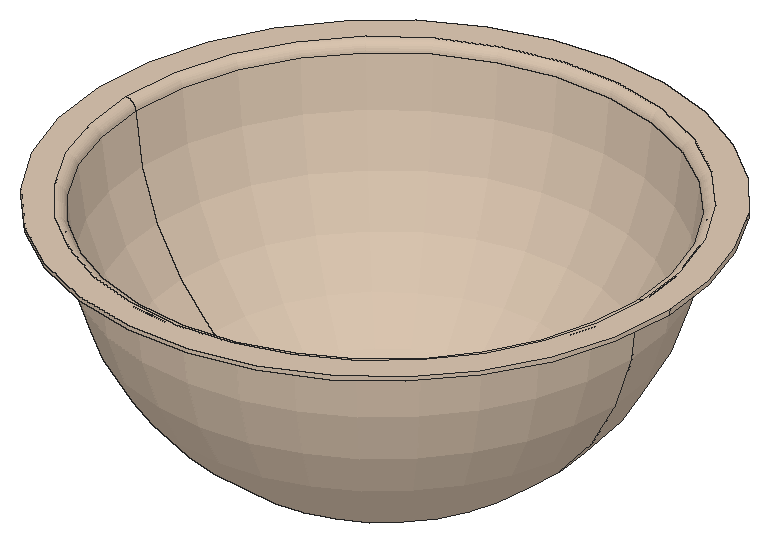
Revit family "equip-sink-undr-elkay-single-lustertone-ELUH16-CU", category Plumbing Fixtures, Revit 2019
Family settings
  Round Connector Dimension = Use Radius
  Part Type = Normal
  OmniClass Number = 23.45.05.14.14.27
  OmniClass Title = Service Sinks
  Work Plane-Based = No
  Always vertical = Yes
  Cut with Voids When Loaded = No
  Shared = No
  Room Calculation Point = No
Parameters
  URL = "www.elkayusa.com"
  Specification Sheet URL = "http://www.elkayusa.com/cps/rde/xbcr/elkay/1-457.pdf"
  Sink Width = 1' - 6 3/8"  # constant formula
  Sink Material = Metal - Copper
  Sink Length = 1' - 6 3/8"  # constant formula
  Sink Ledge Width = 0' - 1 3/16"  # constant formula
  Sink Depth = 0' - 8"  # constant formula
  Sanitary Flow Rate = 10 GPM
  OmniClass Title = "Service Sinks"
  OmniClass Number = "23.45.05.14.14.27"
  Nominal Radius = Nominal Dia / 2  # 0' - 0 3/4"
  Nominal Dia = 0' - 1 1/2"
  Model = "ELUH16-CU"  # constant formula
  MasterFormat Title = "Commercial Sinks"
  MasterFormat Number = "22.42.16.16"
  Manufacturer = "Elkay Manufacturing"  # constant formula
  Installation Sheet URL = ""
  Drain Location = Sink Width / 2  # 0' - 9 3/16"
  Description = "Lustertone Sink"  # constant formula
  Date Created = "2012-02-24"
  Bowl Width = Sink Width - (Sink Ledge Width * 2)  # 1' - 4"
  Bowl Length = Sink Length - (Sink Ledge Width * 2)  # 1' - 4"
  Assembly Code = "D2010440"
Reference planes (in)
  plane 1 "CL Sink Hole": y = 2.28063
  plane 2 "Top": z = 0
  plane 3 "Center (Left/Right)": x = 0
  plane 4 "Basin Edge Front": y = -5.6875
  plane 5 "drain return screen back": y = -5.75
  plane 6 "Drain Pipe Vert CL": y = -6.26172
  plane 7 "drain front fitting right": x = 0.5625
  plane 8 "drain front fitting left": x = -0.5625
  plane 9: y = 1.28063
  plane 10 "Bottom Sink Top Face": z = -7.91731
  plane 11: z = -0.0625
  plane 12: z = -0.12119
  plane 13: z = -7.97981
  plane 14: z = -1.98057
  plane 15: z = -1.61782
  plane 16: z = -8.35378
  plane 17 "Overflow Middle of Horizontal at Drain": z = -9.07253
  plane 18: z = -2.43315
  plane 19: z = -0.93315
  plane 20 "Masking Region": z = 1.25
  plane 21 "New Center": y = 2.28063
  plane 22 "Center (Front/Back)": y = 2.28063
  plane 23 "Back": y = 11.46813
  plane 24 "Front": y = -6.90687
  plane 25 "Right": x = 9.1875
  plane 26 "Left": x = -9.1875
Forms (in)
  Sweep 1, solid, material "Metal - Copper" <- "Sink Material"
    path origin (0, 0, -7.91731) x (-1, 0, 0) y (0, -1, 0)
      loop
        circle (0, -2.28063) r 0.84
    profile origin (0, 1.44063, -7.91731) x (0, 1, 0) y (0, 0, 1)
      loop
        line (0, -0.398) -> (-0.10022, -0.398)
        arc (-0.10022, -0.398) -> (-0.12446, -0.39311) -> (-0.14491, -0.37919) r 0.0625
        line (-0.14491, -0.37919) -> (-0.45181, -0.06528)
        arc (-0.45181, -0.06528) -> (-0.52878, -0.01893) -> (-0.61716, -0.00278) r 0.25
        line (-0.61716, -0.00278) -> (-0.61716, -0.04966)
        arc (-0.61716, -0.04966) -> (-0.54612, -0.06249) -> (-0.48405, -0.09936) r 0.20313
        line (-0.48405, -0.09936) -> (-0.17843, -0.41196)
        arc (-0.17843, -0.41196) -> (-0.14265, -0.43631) -> (-0.10022, -0.44488) r 0.10938
        line (-0.10022, -0.44488) -> (0, -0.44488) -> (0, -0.398)
  Sweep 2, solid, material "Metal - Copper" <- "Sink Material"
    path origin (0, 2.46875, 0) x (1, 0, 0) y (0, 1, 0)
      loop
        circle (0, -0.18812) r 9.1875
    profile origin (0, 11.46813, 0) x (0, -1, 0) y (0, 0, 1)
      loop
        line (0, 0) -> (0, -0.125) -> (0.8356, -0.125)
        arc (0.8356, -0.125) -> (0.96577, -0.17756) -> (1.02297, -0.30576) r 0.1875
        arc (1.02297, -0.30576) -> (3.0106, -5.35678) -> (7.72656, -8.04437) r 8.16241
        line (7.72656, -8.04437) -> (7.72656, -7.91731)
        arc (7.72656, -7.91731) -> (3.09768, -5.26638) -> (1.14789, -0.30127) r 8.03741
        arc (1.14789, -0.30127) -> (1.05256, -0.08759) -> (0.8356, 0) r 0.3125
        line (0.8356, 0) -> (0, 0)
  Extrusion 3, solid, material "Glass", not visible
    sketch origin (0, 0, -9.07253) x (0, 1, 0) y (-1, 0, 0)
      loop
        circle (2.28063, 0) r 0.75
    from 0 to 0.71875
Lines and regions (in)
  Masking region 1
    outline origin (0, 0, 1.25) x (0, -1, 0) y (1, 0, 0)
      loop
        circle (-2.28063, 0) r 7.8125
  Masking region 2
    outline origin (0, 0, 0) x (1, 0, 0) y (0, 1, 0)
      loop
        circle (0, 2.28063) r 8
      loop
        circle (0, 2.28063) r 7.8125
  reference lines, not visible
    curve 1: circle (0, 2.28063, 0) r 0.84 normal (0, 0, 1)
    curve 2: circle (0, 2.28063, 0) r 1.45716 normal (0, 0, 1)
    curve 5: circle (0, 2.28063, -9.07253) r 0.75 normal (0, 0, 1)
  symbolic lines, style "Sinks"
    curve 3: circle (0, 2.28063, 1.25) r 0.84 normal (0, 0, 1)
    curve 4: circle (0, 2.28063, 1.25) r 1.45716 normal (0, 0, 1)
Dimensions and locks (in)
  locked: plane 5 "drain return screen back" to plane 4 "Basin Edge Front" at 0.0625
  locked: plane 4 "Basin Edge Front" to plane 6 "Drain Pipe Vert CL" at 0.57422
  locked: plane 15 to plane 18 at 0.81533
  locked: plane 19 to plane 18 at 1.5
  plane 8 "drain front fitting left" to plane 3 "Center (Left/Right)" to plane 7 "drain front fitting right" = 0' - 0 9/16" locked, 0' - 0 9/16" locked
  locked: plane 20 "Masking Region" to plane 2 "Top" at 1.25
  locked: plane 2 "Top" to plane 11 at 0.0625
  locked: plane 2 "Top" to plane 12 at 0.12119
  locked: plane 2 "Top" to plane 19 at 0.93315
  locked: plane 2 "Top" to plane 14 at 1.98057
  locked: plane 2 "Top" to plane 10 "Bottom Sink Top Face" at 7.91731
  locked: plane 10 "Bottom Sink Top Face" to plane 13 at 0.0625
  locked: plane 10 "Bottom Sink Top Face" to plane 16 at 0.43647
  plane 22 "Center (Front/Back)" to plane 1 "CL Sink Hole" = 0' - 0"
  equal spacing: plane 26 "Left", plane 3 "Center (Left/Right)", plane 25 "Right"
  equal spacing: plane 23 "Back", plane 22 "Center (Front/Back)", plane 24 "Front"
  locked: plane 26 "Left" to plane 25 "Right" at 18.375
  locked: plane 23 "Back" to plane 24 "Front" at 18.375
  locked: plane 5 "drain return screen back" to plane 24 "Front" at 1.15687
  locked: plane 16 to plane 17 "Overflow Middle of Horizontal at Drain" at 0.71875
  locked: plane 9 to plane 1 "CL Sink Hole" at 1
  "Nominal Radius": radius of curve 5
  radius of curve 4 = 0' - 1.45716"
  aligned and locked: Extrusion 3 sketch curve to curve 5
  aligned and locked: Extrusion 3 to plane 17 "Overflow Middle of Horizontal at Drain"
  aligned and locked: Extrusion 3 to plane 16
Automatic sketch dimensions
  Sweep 1 sketch curve to Sweep 1 sketch curve = 0' - 0"  (x4)
  Sweep 1 sketch curve to profile plane = 0' - 0"
  profile plane to Sweep 1 sketch curve = 0' - 0.10022"
  Sweep 1 sketch curve to Sweep 1 sketch curve = 0' - 0.04469"
  Sweep 1 sketch curve to Sweep 1 sketch curve = 0' - 0.03352"
  Sweep 1 sketch curve to plane 10 "Bottom Sink Top Face" = 0' - 0.06528"
  Sweep 1 sketch curve to Sweep 1 sketch curve = 0' - 0.30689"
  Sweep 1 sketch curve to plane 10 "Bottom Sink Top Face" = 0' - 0.09936"
  Sweep 1 sketch curve to Sweep 1 sketch curve = 0' - 0.03224"
  Sweep 1 sketch curve to plane 10 "Bottom Sink Top Face" = 0' - 0.00278"
  Sweep 1 sketch curve to Sweep 1 sketch curve = 0' - 0.13312"
  Sweep 1 sketch curve to plane 10 "Bottom Sink Top Face" = 0' - 0.3355"
  Sweep 1 sketch curve to Sweep 1 sketch curve = 0' - 0.04369"
  Sweep 1 sketch curve to Sweep 1 sketch curve = 0' - 0.03277"
  plane 1 "CL Sink Hole" to curve 4 = 0' - 0"
  curve 4 to plane 3 "Center (Left/Right)" = 0' - 0"
  curve 3 to curve 4 = 0' - 0"  (x2)
  plane 1 "CL Sink Hole" to Sweep 1 sketch curve = 0' - 0"
  Sweep 1 sketch curve to plane 3 "Center (Left/Right)" = 0' - 0"
  curve 1 to curve 2 = 0' - 0"  (x2)
  plane 1 "CL Sink Hole" to curve 2 = 0' - 0"
  curve 2 to plane 3 "Center (Left/Right)" = 0' - 0"
  plane 1 "CL Sink Hole" to curve 5 = 0' - 0"
  curve 5 to plane 3 "Center (Left/Right)" = 0' - 0"
  Sweep 2 sketch curve to plane 3 "Center (Left/Right)" = 0' - 0"
  Sweep 2 sketch curve to plane 21 "New Center" = 0' - 0"
  Masking region 2 sketch curve to Masking region 2 sketch curve = 0' - 0"  (x2)
  plane 1 "CL Sink Hole" to Masking region 2 sketch curve = 0' - 0"
  Masking region 2 sketch curve to plane 3 "Center (Left/Right)" = 0' - 0"
  plane 1 "CL Sink Hole" to Masking region 1 sketch curve = 0' - 0"
  Masking region 1 sketch curve to plane 3 "Center (Left/Right)" = 0' - 0"
  Sweep 2 sketch curve to profile plane = 0' - 0"
  Sweep 2 sketch curve to level = 0' - 0"
  Sweep 2 sketch curve to Sweep 2 sketch curve = 0' - 0.8356"
  Sweep 2 sketch curve to level = 0' - 0.30127"
  Sweep 2 sketch curve to Sweep 2 sketch curve = 0' - 0"  (x5)
  Sweep 2 sketch curve to level = 0' - 0.01243"
  Sweep 2 sketch curve to Sweep 2 sketch curve = 0' - 0.12492"  (x2)
  Sweep 2 sketch curve to Sweep 2 sketch curve = 0' - 0.12706"
  Sweep 2 sketch curve to Sweep 2 sketch curve = 0' - 0.18738"
  radius of curve 4 = 0' - 1.45716"
  radius of curve 3 = 0' - 0.84"
  radius of Sweep 1 sketch curve = 0' - 0.84"
  radius of curve 1 = 0' - 0.84"
  radius of curve 2 = 0' - 1.45716"
  radius of Sweep 2 sketch curve = 0' - 9 3/16"
  radius of Masking region 2 sketch curve = 0' - 8"
  radius of Masking region 2 sketch curve = 0' - 7 13/16"
  radius of Masking region 1 sketch curve = 0' - 7 13/16"
Connectors (in)
  piping at (0, 2.28063, -8.35378), diameter 1.5, driven by "Nominal Radius", driven by "Sanitary Flow Rate"
    settings: on Extrusion 3, index 1, connector inside diameter 1 1/2", connector length 0' - 0", flow factor 0, pipe flow 10 GPM, pressure drop 0.00 psi, fitting loss kfactor 0, connector angle 0.00°, fixture units 0, engagement length 0' - 0", angle of deflection 0.00°, flow configuration 1, flow direction 2, fitting loss method 0, system type 16, joint type 0, gender type 0, connector reference index -1, connector utility 0, adjustable connector yes, is connector primary yes, connector description "Sink Drain"
